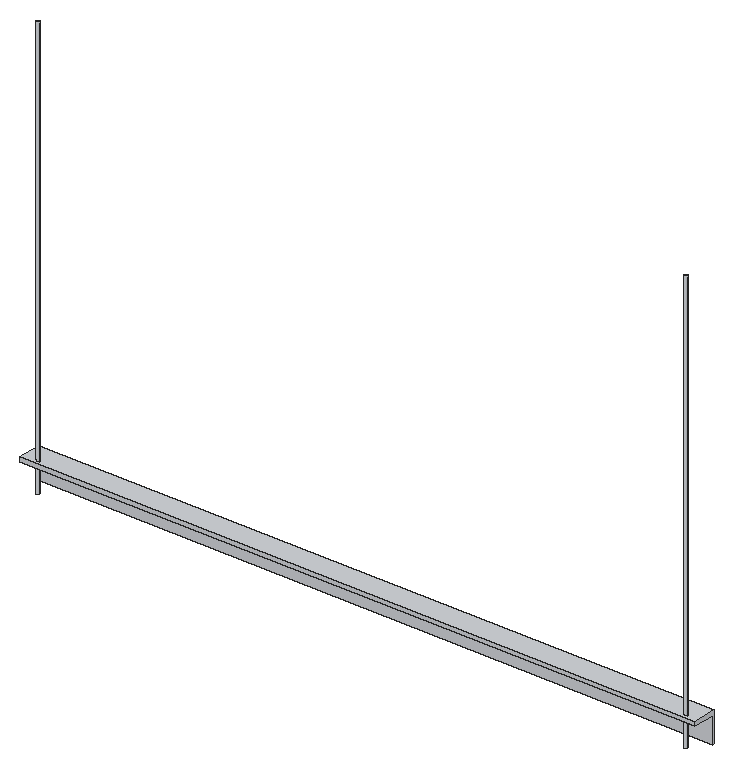
Revit family "RecDuctSupport", category Generic Models, Revit 2025
Family settings
  Can host rebar = No
  Round Connector Dimension = Use Diameter
  Part Type = Normal
  Work Plane-Based = No
  Always vertical = Yes
  Cut with Voids When Loaded = No
  Maintain Annotation Orientation = No
  Shared = No
  Room Calculation Point = No
Parameters
  Rod Dia. [instance] = 8 mm
  Duct_Width [instance] = 1525.918 mm
  Duct_Height [instance] = 990.33 mm
  Default Elevation = 0 mm
Reference planes
  plane 1 "Center (Front/Back)": y = 0
  plane 2: z = 0
  plane 3 "Center (Left/Right)": x = 0
  plane 4: x = 812.959
  plane 5: x = 762.959
  plane 6: x = -812.959
  plane 7: x = -762.959
  plane 8: z = 990.33
Forms (mm)
  Extrusion 1, solid
    sketch origin (12.817, -58.195, 3534) x (0, 1, 0) y (0, 0, 1)
      loop
        line (58.195, -3534) -> (58.195, -3544) -> (114.195, -3544) -> (114.195, -3610) -> (118.195, -3610) -> (118.195, -3534) -> (58.195, -3534)
    from -863.776 to 838.142
  Extrusion 2, solid
    sketch origin (-815.498, 15, 0) x (1, 0, 0) y (0, 1, 0)
      loop
        circle (-1.462, 0) r 4
    from -76 to 990.33
  Extrusion 3, solid
    sketch origin (815.498, 15, 0) x (-1, 0, 0) y (0, -1, 0)
      loop
        circle (-1.462, 0) r 4
    from -76 to 990.33
Dimensions and locks
  Extrusion 1 sketch curve to Extrusion 1 sketch curve = 10 mm
  Extrusion 1 to Extrusion 1 to Extrusion 1 = 10 mm locked, 66 mm locked
  locked: Extrusion 1 to Extrusion 3 at 30
  locked: Extrusion 1 to Extrusion 2 at 30
  equal spacing: plane 4, plane 3 "Center (Left/Right)", plane 6
  locked: plane 7 to plane 6 at 50
  locked: plane 4 to plane 5 at 50
  "Duct_Width": plane 5 to plane 7
  plane 4 to plane 6 = 1625.918 mm
  "Duct_Height": plane 8 to plane 2
  "Rod Dia.": diameter of Extrusion 2 sketch curve
  "Rod Dia.": diameter of Extrusion 3 sketch curve
  aligned and locked: level to plane 2
  aligned and locked: Extrusion 1 to Extrusion 2
  aligned and locked: Extrusion 1 to Extrusion 3
  aligned and locked: level to Extrusion 1
  aligned and locked: plane 4 to Extrusion 3
  aligned and locked: plane 6 to Extrusion 2
  aligned and locked: plane 8 to Extrusion 2
  aligned and locked: plane 8 to Extrusion 3
Automatic sketch dimensions
  Extrusion 1 sketch curve to level = 0 mm
  Extrusion 1 sketch curve to plane 1 "Center (Front/Back)" = 0 mm
  Extrusion 1 sketch curve to plane 1 "Center (Front/Back)" = 56 mm
  Extrusion 1 sketch curve to Extrusion 1 sketch curve = 4 mm
  Extrusion 1 sketch curve to Extrusion 1 sketch curve = 66 mm
  Extrusion 2 sketch curve to plane 6 = 4 mm
  Extrusion 2 sketch curve to plane 1 "Center (Front/Back)" = 15 mm
  plane 4 to Extrusion 3 sketch curve = 4 mm
  Extrusion 3 sketch curve to plane 1 "Center (Front/Back)" = 15 mm
